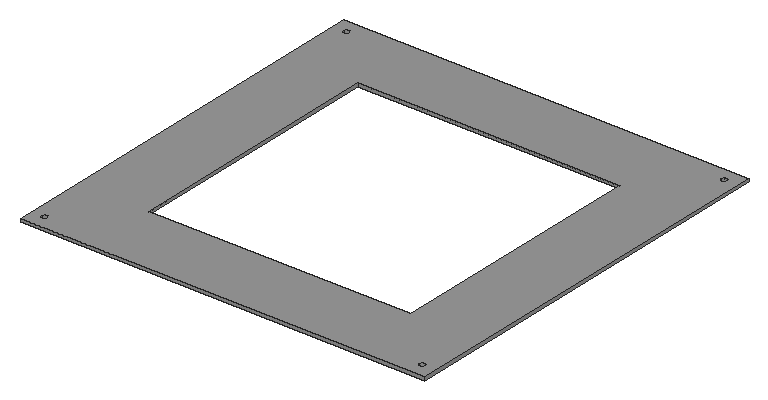
Revit family "Montagedeckel-DUG 350-3 9-OBO", category Generic Models, Revit 2017
Family settings
  Can host rebar = No
  Round Connector Dimension = Use Diameter
  Part Type = Normal
  Work Plane-Based = No
  Always vertical = Yes
  Cut with Voids When Loaded = No
  Shared = No
  Room Calculation Point = No
Parameters (values of type "DUG 350-3 9")
  URL = "http://www.obo-bettermann.com"
  Material = Strip galvanised
  Manufacturer Art.No. = "7400513"
  Manufacturer = "OBO BETTERMANN"
  GTIN = "4012195431435"
  Article Type = "DUG 350-3 9"
Reference planes
  plane 1 "Center (Front/Back)": y = 0
  plane 2: z = 0
  plane 3 "Center (Left/Right)": x = 0
  plane 4: z = 3
  plane 5: x = -178.5
  plane 6: x = 178.5
  plane 7: y = 178.5
Forms (mm)
  Extrusion 1, solid, material "Strip galvanised" <- "Material"
    sketch origin (0, 0, 0) x (1, 0, 0) y (0, 1, 0)
      loop
        line (-191.25, 191.25) -> (-191.25, -191.25) -> (191.25, -191.25) -> (191.25, 191.25) -> (-191.25, 191.25)
    from 0 to 3
  Extrusion 2, void
    sketch origin (0, 0, 0) x (1, 0, 0) y (0, 1, 0)
      loop
        line (-123.75, 123.75) -> (-123.75, -123.75) -> (123.75, -123.75) -> (123.75, 123.75) -> (-123.75, 123.75)
    from 0 to 3
  Extrusion 3, void
    sketch origin (0, 0, 0) x (1, 0, 0) y (0, 1, 0)
      loop
        circle (-178.5, 178.5) r 2.65
      loop
        circle (-178.5, -178.5) r 2.65
      loop
        circle (178.5, -178.5) r 2.65
      loop
        circle (178.5, 178.5) r 2.65
    from 0 to 3
Cuts and joins
  Extrusion 2, Extrusion 3 cuts Extrusion 1
Dimensions and locks
  locked: Extrusion 1 sketch curve to Extrusion 1 sketch curve at 382.5  (x2)
  locked: plane 1 "Center (Front/Back)" to Extrusion 1 sketch curve at 191.25
  Extrusion 1 sketch curve to plane 3 "Center (Left/Right)" = 191.25 mm
  locked: Extrusion 2 sketch curve to Extrusion 2 sketch curve at 247.5  (x2)
  locked: plane 1 "Center (Front/Back)" to Extrusion 2 sketch curve at 123.75
  locked: Extrusion 2 sketch curve to plane 3 "Center (Left/Right)" at 123.75
  locked: plane 3 "Center (Left/Right)" to plane 6 at 178.5
  locked: plane 5 to plane 3 "Center (Left/Right)" at 178.5
  locked: plane 1 "Center (Front/Back)" to plane 7 at 178.5
  locked: plane 5 to Extrusion 3 sketch curve at 2.65
  locked: plane 5 to Extrusion 3 sketch curve at 0
  aligned and locked: level to plane 2
  aligned and locked: Extrusion 1 to plane 4
  aligned and locked: Extrusion 1 to level
  aligned and locked: Extrusion 2 to level
  aligned and locked: Extrusion 1 to Extrusion 2
  aligned and locked: Extrusion 3 to level
  aligned and locked: Extrusion 1 to Extrusion 3
